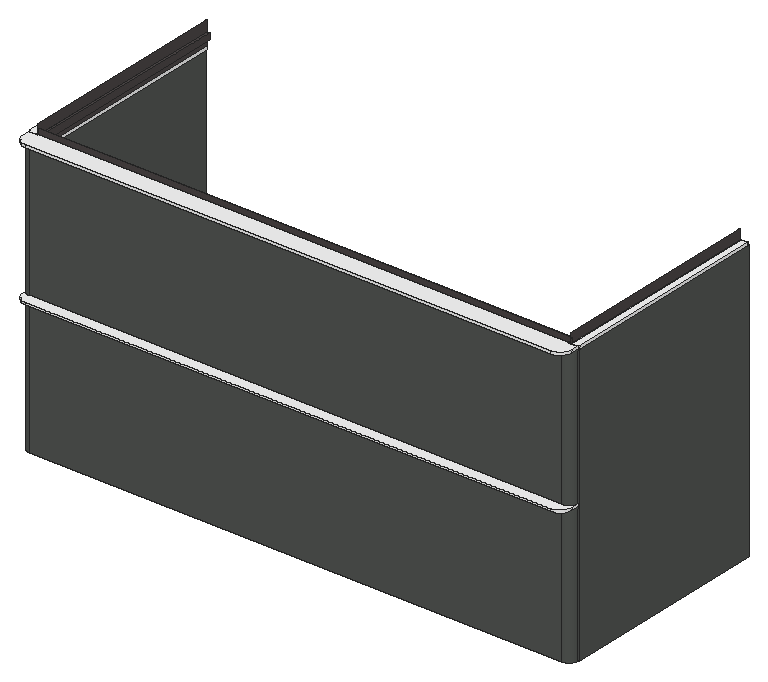
Revit family "vanity unit with 2 drawers", category Furniture, Revit 2019 (continued)
  Vanity unit 980_475 with 2 drawers for washbasin-54032670-Diamond Matt Grey-MATT_BLACK-400 | "39.8" | no | no | no | no | no | no | no | no | no | no | no | no | no | no | yes | no | no | no | no | no | no | no | no | no | no | no | no | no | no | no | no | no | no | no | no | no | no | no | no | no | no | no | no | no | no | no | no | no | no | no | no | no | no | no | no | no | no | no | no | no | no | no | no | no | no | no | no | no | no | no | no | no | no | no | no | no | no | no | no | no | no | no | no | no | no | no | no | no | no | no | no | no | no | no | no | no | no | no | no | no | no | no | no | no | no | no | no | no | no | no | no | no | no | no | no | no | no | no | no | no | "MATT_BLACK" | "https://pro.hansgrohe.com/articledetail--54032000" | "54032XXX" | "Diamond Matt Grey" | "Vanity unit 980/475 with 2 drawers for washbasin-54032670-Diamond Matt Grey-MATT_BLACK-400" | "Xelu Q Vanity unit Diamond Matt Grey 980/475 with 2 drawers for washbasin" | "Vanity unit 980/475 with 2 drawers for washbasin-54032670-Diamond Matt Grey-MATT_BLACK-400" | "{$CADENAS_DATA/23d-libs/hansgrohe/xelu_furniture/vanity_unit_2_drawers_basin/vanity_unit_with_2_drawers_for_basin.prj},349 {VTYP=3D},{NB=Vanity unit 980/475 with 2 drawers for washbasin-54032670-Diamond Matt Grey-MATT_BLACK-400},{LINA=Vanity unit 980/475 with 2 drawers for washbasin-54032670-Diamond Matt Grey-MATT_BLACK-400},{NN=Vanity Unit with 2 Drawers},{DATE=10.03.2023 08:13:12},{GEOMDATE=08.03.2023 13:51:26},{VERSION=},{LINEID=420},{WBVAR=LODLEVEL},{WBNUMERIC=}  {NB=Vanity unit 980/475 with 2 drawers for washbasin-54032670-Diamond Matt Grey-MATT_BLACK-400},{LINA=Vanity unit 980/475 with 2 drawers for washbasin-54032670-Diamond Matt Grey-MATT_BLACK-400},{KT=DUMMY},{IDNR=42},{ARTNR=54032670},{BASENUMBER=Vanity unit 980/475 with 2 drawers for washbasin},{MODEL=54032XXX},{OBERFLAECHE=Diamond Matt Grey},{SURFACE=MATT_BLACK},{L=980},{LODLEVEL=400},{LODLEVELX='400','400','200','200'},{NAME=Xelu Q Vanity unit Diamond Matt Grey 980/475 with 2 drawers for washbasin},{PERMALINK=54032XXX},{OBJECTTYPE=Object (single object)},{BIMOBJECT=Sanitary: Compound units},{PRODUCTFAMILY=Xelu Q},{PRODUCTGROUP=vanity unit},{WEIGHT=39.8},{DESCRIPTION=Xelu Q Vanity unit Diamond Matt Grey 980/475 with 2 drawers for washbasin},{SPECIFICATION=},{PRODUCTURL=https://pro.hansgrohe.com/articledetail--54032000},{GTINCODE=4059625455395},{TENDERURL=},{IFC=Furnishing element},{ETIM=EC011381 | Bathroom furniture set},{UNICLASS2015=Pr_40_30_78_05 | Bathroom furniture},{OMNICLASS=23-21 19 15 33 13 | Residential Bathroom Specialty Casework},{MASTERFORMAT=12 35 30.23 | Bathroom Casework},{UNSPSC=56 | Furniture and Furnishings},{UNIFORMATII=E2010 | Fixed Furnishings},{REGIONSET=Worldwide},{DESIGN=Germany},{MANUFACTURER=Germany}" | "400" | "Vanity unit 980/475 with 2 drawers for washbasin-54032670-Diamond Matt Grey-MATT_BLACK-400" | 980 | "4059625455395" | "Vanity unit 980/475 with 2 drawers for washbasin" | "54032670"
  Vanity unit 980_475 with 2 drawers for washbasin-54032700-Diamond Matt Grey-MATT_WHITE-200 | "39.8" | no | no | no | no | no | no | no | no | no | no | no | no | no | yes | no | no | no | no | no | no | no | no | no | no | no | no | no | no | no | no | no | no | no | no | no | no | no | no | no | no | no | no | no | no | no | no | no | no | no | no | no | no | no | no | no | no | no | no | no | no | no | no | no | no | no | no | no | no | no | no | no | no | no | no | no | no | no | no | no | no | no | no | no | no | no | no | no | no | no | no | no | no | no | no | no | no | no | no | no | no | no | no | no | no | no | no | no | no | no | no | no | no | no | no | no | no | no | no | no | no | "MATT_WHITE" | "https://pro.hansgrohe.com/articledetail--54032000" | "54032XXX" | "Diamond Matt Grey" | "Vanity unit 980/475 with 2 drawers for washbasin-54032700-Diamond Matt Grey-MATT_WHITE-200" | "Xelu Q Vanity unit Diamond Matt Grey 980/475 with 2 drawers for washbasin" | "Vanity unit 980/475 with 2 drawers for washbasin-54032700-Diamond Matt Grey-MATT_WHITE-200" | "{$CADENAS_DATA/23d-libs/hansgrohe/xelu_furniture/vanity_unit_2_drawers_basin/vanity_unit_with_2_drawers_for_basin.prj},349 {VTYP=3D},{NB=Vanity unit 980/475 with 2 drawers for washbasin-54032700-Diamond Matt Grey-MATT_WHITE-200},{LINA=Vanity unit 980/475 with 2 drawers for washbasin-54032700-Diamond Matt Grey-MATT_WHITE-200},{NN=Vanity Unit with 2 Drawers},{DATE=10.03.2023 08:13:12},{GEOMDATE=08.03.2023 13:51:26},{VERSION=},{LINEID=400},{WBVAR=LODLEVEL},{WBNUMERIC=}  {NB=Vanity unit 980/475 with 2 drawers for washbasin-54032700-Diamond Matt Grey-MATT_WHITE-200},{LINA=Vanity unit 980/475 with 2 drawers for washbasin-54032700-Diamond Matt Grey-MATT_WHITE-200},{KT=DUMMY},{IDNR=40},{ARTNR=54032700},{BASENUMBER=Vanity unit 980/475 with 2 drawers for washbasin},{MODEL=54032XXX},{OBERFLAECHE=Diamond Matt Grey},{SURFACE=MATT_WHITE},{L=980},{LODLEVEL=200},{LODLEVELX='400','400','200','200'},{NAME=Xelu Q Vanity unit Diamond Matt Grey 980/475 with 2 drawers for washbasin},{PERMALINK=54032XXX},{OBJECTTYPE=Object (single object)},{BIMOBJECT=Sanitary: Compound units},{PRODUCTFAMILY=Xelu Q},{PRODUCTGROUP=vanity unit},{WEIGHT=39.8},{DESCRIPTION=Xelu Q Vanity unit Diamond Matt Grey 980/475 with 2 drawers for washbasin},{SPECIFICATION=},{PRODUCTURL=https://pro.hansgrohe.com/articledetail--54032000},{GTINCODE=4059625455395},{TENDERURL=},{IFC=Furnishing element},{ETIM=EC011381 | Bathroom furniture set},{UNICLASS2015=Pr_40_30_78_05 | Bathroom furniture},{OMNICLASS=23-21 19 15 33 13 | Residential Bathroom Specialty Casework},{MASTERFORMAT=12 35 30.23 | Bathroom Casework},{UNSPSC=56 | Furniture and Furnishings},{UNIFORMATII=E2010 | Fixed Furnishings},{REGIONSET=Worldwide},{DESIGN=Germany},{MANUFACTURER=Germany}" | "200" | "Vanity unit 980/475 with 2 drawers for washbasin-54032700-Diamond Matt Grey-MATT_WHITE-200" | 980 | "4059625455395" | "Vanity unit 980/475 with 2 drawers for washbasin" | "54032700"
  Vanity unit 980_475 with 2 drawers for washbasin-54032700-Diamond Matt Grey-MATT_WHITE-400 | "39.8" | no | no | no | no | no | no | no | no | no | no | no | no | yes | no | no | no | no | no | no | no | no | no | no | no | no | no | no | no | no | no | no | no | no | no | no | no | no | no | no | no | no | no | no | no | no | no | no | no | no | no | no | no | no | no | no | no | no | no | no | no | no | no | no | no | no | no | no | no | no | no | no | no | no | no | no | no | no | no | no | no | no | no | no | no | no | no | no | no | no | no | no | no | no | no | no | no | no | no | no | no | no | no | no | no | no | no | no | no | no | no | no | no | no | no | no | no | no | no | no | no | "MATT_WHITE" | "https://pro.hansgrohe.com/articledetail--54032000" | "54032XXX" | "Diamond Matt Grey" | "Vanity unit 980/475 with 2 drawers for washbasin-54032700-Diamond Matt Grey-MATT_WHITE-400" | "Xelu Q Vanity unit Diamond Matt Grey 980/475 with 2 drawers for washbasin" | "Vanity unit 980/475 with 2 drawers for washbasin-54032700-Diamond Matt Grey-MATT_WHITE-400" | "{$CADENAS_DATA/23d-libs/hansgrohe/xelu_furniture/vanity_unit_2_drawers_basin/vanity_unit_with_2_drawers_for_basin.prj},349 {VTYP=3D},{NB=Vanity unit 980/475 with 2 drawers for washbasin-54032700-Diamond Matt Grey-MATT_WHITE-400},{LINA=Vanity unit 980/475 with 2 drawers for washbasin-54032700-Diamond Matt Grey-MATT_WHITE-400},{NN=Vanity Unit with 2 Drawers},{DATE=10.03.2023 08:13:12},{GEOMDATE=08.03.2023 13:51:26},{VERSION=},{LINEID=400},{WBVAR=LODLEVEL},{WBNUMERIC=}  {NB=Vanity unit 980/475 with 2 drawers for washbasin-54032700-Diamond Matt Grey-MATT_WHITE-400},{LINA=Vanity unit 980/475 with 2 drawers for washbasin-54032700-Diamond Matt Grey-MATT_WHITE-400},{KT=DUMMY},{IDNR=40},{ARTNR=54032700},{BASENUMBER=Vanity unit 980/475 with 2 drawers for washbasin},{MODEL=54032XXX},{OBERFLAECHE=Diamond Matt Grey},{SURFACE=MATT_WHITE},{L=980},{LODLEVEL=400},{LODLEVELX='400','400','200','200'},{NAME=Xelu Q Vanity unit Diamond Matt Grey 980/475 with 2 drawers for washbasin},{PERMALINK=54032XXX},{OBJECTTYPE=Object (single object)},{BIMOBJECT=Sanitary: Compound units},{PRODUCTFAMILY=Xelu Q},{PRODUCTGROUP=vanity unit},{WEIGHT=39.8},{DESCRIPTION=Xelu Q Vanity unit Diamond Matt Grey 980/475 with 2 drawers for washbasin},{SPECIFICATION=},{PRODUCTURL=https://pro.hansgrohe.com/articledetail--54032000},{GTINCODE=4059625455395},{TENDERURL=},{IFC=Furnishing element},{ETIM=EC011381 | Bathroom furniture set},{UNICLASS2015=Pr_40_30_78_05 | Bathroom furniture},{OMNICLASS=23-21 19 15 33 13 | Residential Bathroom Specialty Casework},{MASTERFORMAT=12 35 30.23 | Bathroom Casework},{UNSPSC=56 | Furniture and Furnishings},{UNIFORMATII=E2010 | Fixed Furnishings},{REGIONSET=Worldwide},{DESIGN=Germany},{MANUFACTURER=Germany}" | "400" | "Vanity unit 980/475 with 2 drawers for washbasin-54032700-Diamond Matt Grey-MATT_WHITE-400" | 980 | "4059625455395" | "Vanity unit 980/475 with 2 drawers for washbasin" | "54032700"
  Vanity unit 980_475 with 2 drawers for washbasin-54033000-Natural Oak-CHROME-200 | "39.8" | no | no | no | no | no | no | no | no | no | no | no | yes | no | no | no | no | no | no | no | no | no | no | no | no | no | no | no | no | no | no | no | no | no | no | no | no | no | no | no | no | no | no | no | no | no | no | no | no | no | no | no | no | no | no | no | no | no | no | no | no | no | no | no | no | no | no | no | no | no | no | no | no | no | no | no | no | no | no | no | no | no | no | no | no | no | no | no | no | no | no | no | no | no | no | no | no | no | no | no | no | no | no | no | no | no | no | no | no | no | no | no | no | no | no | no | no | no | no | no | no | "CHROME" | "https://pro.hansgrohe.com/articledetail--54033000" | "54033XXX" | "Natural Oak" | "Vanity unit 980/475 with 2 drawers for washbasin-54033000-Natural Oak-CHROME-200" | "Xelu Q Vanity unit Natural Oak 980/475 with 2 drawers for washbasin" | "Vanity unit 980/475 with 2 drawers for washbasin-54033000-Natural Oak-CHROME-200" | "{$CADENAS_DATA/23d-libs/hansgrohe/xelu_furniture/vanity_unit_2_drawers_basin/vanity_unit_with_2_drawers_for_basin.prj},329 {VTYP=3D},{NB=Vanity unit 980/475 with 2 drawers for washbasin-54033000-Natural Oak-CHROME-200},{LINA=Vanity unit 980/475 with 2 drawers for washbasin-54033000-Natural Oak-CHROME-200},{NN=Vanity Unit with 2 Drawers},{DATE=10.03.2023 08:13:12},{GEOMDATE=08.03.2023 13:51:26},{VERSION=},{LINEID=450},{WBVAR=LODLEVEL},{WBNUMERIC=}  {NB=Vanity unit 980/475 with 2 drawers for washbasin-54033000-Natural Oak-CHROME-200},{LINA=Vanity unit 980/475 with 2 drawers for washbasin-54033000-Natural Oak-CHROME-200},{KT=DUMMY},{IDNR=45},{ARTNR=54033000},{BASENUMBER=Vanity unit 980/475 with 2 drawers for washbasin},{MODEL=54033XXX},{OBERFLAECHE=Natural Oak},{SURFACE=CHROME},{L=980},{LODLEVEL=200},{LODLEVELX='400','400','200','200'},{NAME=Xelu Q Vanity unit Natural Oak 980/475 with 2 drawers for washbasin},{PERMALINK=54033XXX},{OBJECTTYPE=Object (single object)},{BIMOBJECT=Sanitary: Compound units},{PRODUCTFAMILY=Xelu Q},{PRODUCTGROUP=vanity unit},{WEIGHT=39.8},{DESCRIPTION=Xelu Q Vanity unit Natural Oak 980/475 with 2 drawers for washbasin},{SPECIFICATION=},{PRODUCTURL=https://pro.hansgrohe.com/articledetail--54033000},{GTINCODE=4059625455364},{TENDERURL=},{IFC=Furnishing element},{ETIM=EC011381 | Bathroom furniture set},{UNICLASS2015=Pr_40_30_78_05 | Bathroom furniture},{OMNICLASS=23-21 19 15 33 13 | Residential Bathroom Specialty Casework},{MASTERFORMAT=12 35 30.23 | Bathroom Casework},{UNSPSC=56 | Furniture and Furnishings},{UNIFORMATII=E2010 | Fixed Furnishings},{REGIONSET=Worldwide},{DESIGN=Germany},{MANUFACTURER=Germany}" | "200" | "Vanity unit 980/475 with 2 drawers for washbasin-54033000-Natural Oak-CHROME-200" | 980 | "4059625455364" | "Vanity unit 980/475 with 2 drawers for washbasin" | "54033000"
  Vanity unit 980_475 with 2 drawers for washbasin-54033000-Natural Oak-CHROME-400 | "39.8" | no | no | no | no | no | no | no | no | no | no | yes | no | no | no | no | no | no | no | no | no | no | no | no | no | no | no | no | no | no | no | no | no | no | no | no | no | no | no | no | no | no | no | no | no | no | no | no | no | no | no | no | no | no | no | no | no | no | no | no | no | no | no | no | no | no | no | no | no | no | no | no | no | no | no | no | no | no | no | no | no | no | no | no | no | no | no | no | no | no | no | no | no | no | no | no | no | no | no | no | no | no | no | no | no | no | no | no | no | no | no | no | no | no | no | no | no | no | no | no | no | "CHROME" | "https://pro.hansgrohe.com/articledetail--54033000" | "54033XXX" | "Natural Oak" | "Vanity unit 980/475 with 2 drawers for washbasin-54033000-Natural Oak-CHROME-400" | "Xelu Q Vanity unit Natural Oak 980/475 with 2 drawers for washbasin" | "Vanity unit 980/475 with 2 drawers for washbasin-54033000-Natural Oak-CHROME-400" | "{$CADENAS_DATA/23d-libs/hansgrohe/xelu_furniture/vanity_unit_2_drawers_basin/vanity_unit_with_2_drawers_for_basin.prj},329 {VTYP=3D},{NB=Vanity unit 980/475 with 2 drawers for washbasin-54033000-Natural Oak-CHROME-400},{LINA=Vanity unit 980/475 with 2 drawers for washbasin-54033000-Natural Oak-CHROME-400},{NN=Vanity Unit with 2 Drawers},{DATE=10.03.2023 08:13:12},{GEOMDATE=08.03.2023 13:51:26},{VERSION=},{LINEID=450},{WBVAR=LODLEVEL},{WBNUMERIC=}  {NB=Vanity unit 980/475 with 2 drawers for washbasin-54033000-Natural Oak-CHROME-400},{LINA=Vanity unit 980/475 with 2 drawers for washbasin-54033000-Natural Oak-CHROME-400},{KT=DUMMY},{IDNR=45},{ARTNR=54033000},{BASENUMBER=Vanity unit 980/475 with 2 drawers for washbasin},{MODEL=54033XXX},{OBERFLAECHE=Natural Oak},{SURFACE=CHROME},{L=980},{LODLEVEL=400},{LODLEVELX='400','400','200','200'},{NAME=Xelu Q Vanity unit Natural Oak 980/475 with 2 drawers for washbasin},{PERMALINK=54033XXX},{OBJECTTYPE=Object (single object)},{BIMOBJECT=Sanitary: Compound units},{PRODUCTFAMILY=Xelu Q},{PRODUCTGROUP=vanity unit},{WEIGHT=39.8},{DESCRIPTION=Xelu Q Vanity unit Natural Oak 980/475 with 2 drawers for washbasin},{SPECIFICATION=},{PRODUCTURL=https://pro.hansgrohe.com/articledetail--54033000},{GTINCODE=4059625455364},{TENDERURL=},{IFC=Furnishing element},{ETIM=EC011381 | Bathroom furniture set},{UNICLASS2015=Pr_40_30_78_05 | Bathroom furniture},{OMNICLASS=23-21 19 15 33 13 | Residential Bathroom Specialty Casework},{MASTERFORMAT=12 35 30.23 | Bathroom Casework},{UNSPSC=56 | Furniture and Furnishings},{UNIFORMATII=E2010 | Fixed Furnishings},{REGIONSET=Worldwide},{DESIGN=Germany},{MANUFACTURER=Germany}" | "400" | "Vanity unit 980/475 with 2 drawers for washbasin-54033000-Natural Oak-CHROME-400" | 980 | "4059625455364" | "Vanity unit 980/475 with 2 drawers for washbasin" | "54033000"
  Vanity unit 980_475 with 2 drawers for washbasin-54033670-Natural Oak-MATT_BLACK-200 | "39.8" | no | no | no | no | no | no | no | no | no | yes | no | no | no | no | no | no | no | no | no | no | no | no | no | no | no | no | no | no | no | no | no | no | no | no | no | no | no | no | no | no | no | no | no | no | no | no | no | no | no | no | no | no | no | no | no | no | no | no | no | no | no | no | no | no | no | no | no | no | no | no | no | no | no | no | no | no | no | no | no | no | no | no | no | no | no | no | no | no | no | no | no | no | no | no | no | no | no | no | no | no | no | no | no | no | no | no | no | no | no | no | no | no | no | no | no | no | no | no | no | no | "MATT_BLACK" | "https://pro.hansgrohe.com/articledetail--54033000" | "54033XXX" | "Natural Oak" | "Vanity unit 980/475 with 2 drawers for washbasin-54033670-Natural Oak-MATT_BLACK-200" | "Xelu Q Vanity unit Natural Oak 980/475 with 2 drawers for washbasin" | "Vanity unit 980/475 with 2 drawers for washbasin-54033670-Natural Oak-MATT_BLACK-200" | "{$CADENAS_DATA/23d-libs/hansgrohe/xelu_furniture/vanity_unit_2_drawers_basin/vanity_unit_with_2_drawers_for_basin.prj},337 {VTYP=3D},{NB=Vanity unit 980/475 with 2 drawers for washbasin-54033670-Natural Oak-MATT_BLACK-200},{LINA=Vanity unit 980/475 with 2 drawers for washbasin-54033670-Natural Oak-MATT_BLACK-200},{NN=Vanity Unit with 2 Drawers},{DATE=10.03.2023 08:13:12},{GEOMDATE=08.03.2023 13:51:26},{VERSION=},{LINEID=430},{WBVAR=LODLEVEL},{WBNUMERIC=}  {NB=Vanity unit 980/475 with 2 drawers for washbasin-54033670-Natural Oak-MATT_BLACK-200},{LINA=Vanity unit 980/475 with 2 drawers for washbasin-54033670-Natural Oak-MATT_BLACK-200},{KT=DUMMY},{IDNR=43},{ARTNR=54033670},{BASENUMBER=Vanity unit 980/475 with 2 drawers for washbasin},{MODEL=54033XXX},{OBERFLAECHE=Natural Oak},{SURFACE=MATT_BLACK},{L=980},{LODLEVEL=200},{LODLEVELX='400','400','200','200'},{NAME=Xelu Q Vanity unit Natural Oak 980/475 with 2 drawers for washbasin},{PERMALINK=54033XXX},{OBJECTTYPE=Object (single object)},{BIMOBJECT=Sanitary: Compound units},{PRODUCTFAMILY=Xelu Q},{PRODUCTGROUP=vanity unit},{WEIGHT=39.8},{DESCRIPTION=Xelu Q Vanity unit Natural Oak 980/475 with 2 drawers for washbasin},{SPECIFICATION=},{PRODUCTURL=https://pro.hansgrohe.com/articledetail--54033000},{GTINCODE=4059625455364},{TENDERURL=},{IFC=Furnishing element},{ETIM=EC011381 | Bathroom furniture set},{UNICLASS2015=Pr_40_30_78_05 | Bathroom furniture},{OMNICLASS=23-21 19 15 33 13 | Residential Bathroom Specialty Casework},{MASTERFORMAT=12 35 30.23 | Bathroom Casework},{UNSPSC=56 | Furniture and Furnishings},{UNIFORMATII=E2010 | Fixed Furnishings},{REGIONSET=Worldwide},{DESIGN=Germany},{MANUFACTURER=Germany}" | "200" | "Vanity unit 980/475 with 2 drawers for washbasin-54033670-Natural Oak-MATT_BLACK-200" | 980 | "4059625455364" | "Vanity unit 980/475 with 2 drawers for washbasin" | "54033670"
  Vanity unit 980_475 with 2 drawers for washbasin-54033670-Natural Oak-MATT_BLACK-400 | "39.8" | no | no | no | no | no | no | no | no | yes | no | no | no | no | no | no | no | no | no | no | no | no | no | no | no | no | no | no | no | no | no | no | no | no | no | no | no | no | no | no | no | no | no | no | no | no | no | no | no | no | no | no | no | no | no | no | no | no | no | no | no | no | no | no | no | no | no | no | no | no | no | no | no | no | no | no | no | no | no | no | no | no | no | no | no | no | no | no | no | no | no | no | no | no | no | no | no | no | no | no | no | no | no | no | no | no | no | no | no | no | no | no | no | no | no | no | no | no | no | no | no | "MATT_BLACK" | "https://pro.hansgrohe.com/articledetail--54033000" | "54033XXX" | "Natural Oak" | "Vanity unit 980/475 with 2 drawers for washbasin-54033670-Natural Oak-MATT_BLACK-400" | "Xelu Q Vanity unit Natural Oak 980/475 with 2 drawers for washbasin" | "Vanity unit 980/475 with 2 drawers for washbasin-54033670-Natural Oak-MATT_BLACK-400" | "{$CADENAS_DATA/23d-libs/hansgrohe/xelu_furniture/vanity_unit_2_drawers_basin/vanity_unit_with_2_drawers_for_basin.prj},337 {VTYP=3D},{NB=Vanity unit 980/475 with 2 drawers for washbasin-54033670-Natural Oak-MATT_BLACK-400},{LINA=Vanity unit 980/475 with 2 drawers for washbasin-54033670-Natural Oak-MATT_BLACK-400},{NN=Vanity Unit with 2 Drawers},{DATE=10.03.2023 08:13:12},{GEOMDATE=08.03.2023 13:51:26},{VERSION=},{LINEID=430},{WBVAR=LODLEVEL},{WBNUMERIC=}  {NB=Vanity unit 980/475 with 2 drawers for washbasin-54033670-Natural Oak-MATT_BLACK-400},{LINA=Vanity unit 980/475 with 2 drawers for washbasin-54033670-Natural Oak-MATT_BLACK-400},{KT=DUMMY},{IDNR=43},{ARTNR=54033670},{BASENUMBER=Vanity unit 980/475 with 2 drawers for washbasin},{MODEL=54033XXX},{OBERFLAECHE=Natural Oak},{SURFACE=MATT_BLACK},{L=980},{LODLEVEL=400},{LODLEVELX='400','400','200','200'},{NAME=Xelu Q Vanity unit Natural Oak 980/475 with 2 drawers for washbasin},{PERMALINK=54033XXX},{OBJECTTYPE=Object (single object)},{BIMOBJECT=Sanitary: Compound units},{PRODUCTFAMILY=Xelu Q},{PRODUCTGROUP=vanity unit},{WEIGHT=39.8},{DESCRIPTION=Xelu Q Vanity unit Natural Oak 980/475 with 2 drawers for washbasin},{SPECIFICATION=},{PRODUCTURL=https://pro.hansgrohe.com/articledetail--54033000},{GTINCODE=4059625455364},{TENDERURL=},{IFC=Furnishing element},{ETIM=EC011381 | Bathroom furniture set},{UNICLASS2015=Pr_40_30_78_05 | Bathroom furniture},{OMNICLASS=23-21 19 15 33 13 | Residential Bathroom Specialty Casework},{MASTERFORMAT=12 35 30.23 | Bathroom Casework},{UNSPSC=56 | Furniture and Furnishings},{UNIFORMATII=E2010 | Fixed Furnishings},{REGIONSET=Worldwide},{DESIGN=Germany},{MANUFACTURER=Germany}" | "400" | "Vanity unit 980/475 with 2 drawers for washbasin-54033670-Natural Oak-MATT_BLACK-400" | 980 | "4059625455364" | "Vanity unit 980/475 with 2 drawers for washbasin" | "54033670"
  Vanity unit 980_475 with 2 drawers for washbasin-54033700-Natural Oak-MATT_WHITE-200 | "39.8" | no | no | no | no | no | no | no | yes | no | no | no | no | no | no | no | no | no | no | no | no | no | no | no | no | no | no | no | no | no | no | no | no | no | no | no | no | no | no | no | no | no | no | no | no | no | no | no | no | no | no | no | no | no | no | no | no | no | no | no | no | no | no | no | no | no | no | no | no | no | no | no | no | no | no | no | no | no | no | no | no | no | no | no | no | no | no | no | no | no | no | no | no | no | no | no | no | no | no | no | no | no | no | no | no | no | no | no | no | no | no | no | no | no | no | no | no | no | no | no | no | "MATT_WHITE" | "https://pro.hansgrohe.com/articledetail--54033000" | "54033XXX" | "Natural Oak" | "Vanity unit 980/475 with 2 drawers for washbasin-54033700-Natural Oak-MATT_WHITE-200" | "Xelu Q Vanity unit Natural Oak 980/475 with 2 drawers for washbasin" | "Vanity unit 980/475 with 2 drawers for washbasin-54033700-Natural Oak-MATT_WHITE-200" | "{$CADENAS_DATA/23d-libs/hansgrohe/xelu_furniture/vanity_unit_2_drawers_basin/vanity_unit_with_2_drawers_for_basin.prj},337 {VTYP=3D},{NB=Vanity unit 980/475 with 2 drawers for washbasin-54033700-Natural Oak-MATT_WHITE-200},{LINA=Vanity unit 980/475 with 2 drawers for washbasin-54033700-Natural Oak-MATT_WHITE-200},{NN=Vanity Unit with 2 Drawers},{DATE=10.03.2023 08:13:12},{GEOMDATE=08.03.2023 13:51:26},{VERSION=},{LINEID=440},{WBVAR=LODLEVEL},{WBNUMERIC=}  {NB=Vanity unit 980/475 with 2 drawers for washbasin-54033700-Natural Oak-MATT_WHITE-200},{LINA=Vanity unit 980/475 with 2 drawers for washbasin-54033700-Natural Oak-MATT_WHITE-200},{KT=DUMMY},{IDNR=44},{ARTNR=54033700},{BASENUMBER=Vanity unit 980/475 with 2 drawers for washbasin},{MODEL=54033XXX},{OBERFLAECHE=Natural Oak},{SURFACE=MATT_WHITE},{L=980},{LODLEVEL=200},{LODLEVELX='400','400','200','200'},{NAME=Xelu Q Vanity unit Natural Oak 980/475 with 2 drawers for washbasin},{PERMALINK=54033XXX},{OBJECTTYPE=Object (single object)},{BIMOBJECT=Sanitary: Compound units},{PRODUCTFAMILY=Xelu Q},{PRODUCTGROUP=vanity unit},{WEIGHT=39.8},{DESCRIPTION=Xelu Q Vanity unit Natural Oak 980/475 with 2 drawers for washbasin},{SPECIFICATION=},{PRODUCTURL=https://pro.hansgrohe.com/articledetail--54033000},{GTINCODE=4059625455364},{TENDERURL=},{IFC=Furnishing element},{ETIM=EC011381 | Bathroom furniture set},{UNICLASS2015=Pr_40_30_78_05 | Bathroom furniture},{OMNICLASS=23-21 19 15 33 13 | Residential Bathroom Specialty Casework},{MASTERFORMAT=12 35 30.23 | Bathroom Casework},{UNSPSC=56 | Furniture and Furnishings},{UNIFORMATII=E2010 | Fixed Furnishings},{REGIONSET=Worldwide},{DESIGN=Germany},{MANUFACTURER=Germany}" | "200" | "Vanity unit 980/475 with 2 drawers for washbasin-54033700-Natural Oak-MATT_WHITE-200" | 980 | "4059625455364" | "Vanity unit 980/475 with 2 drawers for washbasin" | "54033700"
  Vanity unit 980_475 with 2 drawers for washbasin-54033700-Natural Oak-MATT_WHITE-400 | "39.8" | no | no | no | no | no | no | yes | no | no | no | no | no | no | no | no | no | no | no | no | no | no | no | no | no | no | no | no | no | no | no | no | no | no | no | no | no | no | no | no | no | no | no | no | no | no | no | no | no | no | no | no | no | no | no | no | no | no | no | no | no | no | no | no | no | no | no | no | no | no | no | no | no | no | no | no | no | no | no | no | no | no | no | no | no | no | no | no | no | no | no | no | no | no | no | no | no | no | no | no | no | no | no | no | no | no | no | no | no | no | no | no | no | no | no | no | no | no | no | no | no | "MATT_WHITE" | "https://pro.hansgrohe.com/articledetail--54033000" | "54033XXX" | "Natural Oak" | "Vanity unit 980/475 with 2 drawers for washbasin-54033700-Natural Oak-MATT_WHITE-400" | "Xelu Q Vanity unit Natural Oak 980/475 with 2 drawers for washbasin" | "Vanity unit 980/475 with 2 drawers for washbasin-54033700-Natural Oak-MATT_WHITE-400" | "{$CADENAS_DATA/23d-libs/hansgrohe/xelu_furniture/vanity_unit_2_drawers_basin/vanity_unit_with_2_drawers_for_basin.prj},337 {VTYP=3D},{NB=Vanity unit 980/475 with 2 drawers for washbasin-54033700-Natural Oak-MATT_WHITE-400},{LINA=Vanity unit 980/475 with 2 drawers for washbasin-54033700-Natural Oak-MATT_WHITE-400},{NN=Vanity Unit with 2 Drawers},{DATE=10.03.2023 08:13:12},{GEOMDATE=08.03.2023 13:51:26},{VERSION=},{LINEID=440},{WBVAR=LODLEVEL},{WBNUMERIC=}  {NB=Vanity unit 980/475 with 2 drawers for washbasin-54033700-Natural Oak-MATT_WHITE-400},{LINA=Vanity unit 980/475 with 2 drawers for washbasin-54033700-Natural Oak-MATT_WHITE-400},{KT=DUMMY},{IDNR=44},{ARTNR=54033700},{BASENUMBER=Vanity unit 980/475 with 2 drawers for washbasin},{MODEL=54033XXX},{OBERFLAECHE=Natural Oak},{SURFACE=MATT_WHITE},{L=980},{LODLEVEL=400},{LODLEVELX='400','400','200','200'},{NAME=Xelu Q Vanity unit Natural Oak 980/475 with 2 drawers for washbasin},{PERMALINK=54033XXX},{OBJECTTYPE=Object (single object)},{BIMOBJECT=Sanitary: Compound units},{PRODUCTFAMILY=Xelu Q},{PRODUCTGROUP=vanity unit},{WEIGHT=39.8},{DESCRIPTION=Xelu Q Vanity unit Natural Oak 980/475 with 2 drawers for washbasin},{SPECIFICATION=},{PRODUCTURL=https://pro.hansgrohe.com/articledetail--54033000},{GTINCODE=4059625455364},{TENDERURL=},{IFC=Furnishing element},{ETIM=EC011381 | Bathroom furniture set},{UNICLASS2015=Pr_40_30_78_05 | Bathroom furniture},{OMNICLASS=23-21 19 15 33 13 | Residential Bathroom Specialty Casework},{MASTERFORMAT=12 35 30.23 | Bathroom Casework},{UNSPSC=56 | Furniture and Furnishings},{UNIFORMATII=E2010 | Fixed Furnishings},{REGIONSET=Worldwide},{DESIGN=Germany},{MANUFACTURER=Germany}" | "400" | "Vanity unit 980/475 with 2 drawers for washbasin-54033700-Natural Oak-MATT_WHITE-400" | 980 | "4059625455364" | "Vanity unit 980/475 with 2 drawers for washbasin" | "54033700"
  Vanity unit 980_475 with 2 drawers for washbasin-54034000-Dark Walnut-CHROME-200 | "39.8" | no | no | no | no | no | yes | no | no | no | no | no | no | no | no | no | no | no | no | no | no | no | no | no | no | no | no | no | no | no | no | no | no | no | no | no | no | no | no | no | no | no | no | no | no | no | no | no | no | no | no | no | no | no | no | no | no | no | no | no | no | no | no | no | no | no | no | no | no | no | no | no | no | no | no | no | no | no | no | no | no | no | no | no | no | no | no | no | no | no | no | no | no | no | no | no | no | no | no | no | no | no | no | no | no | no | no | no | no | no | no | no | no | no | no | no | no | no | no | no | no | "CHROME" | "https://pro.hansgrohe.com/articledetail--54034000" | "54034XXX" | "Dark Walnut" | "Vanity unit 980/475 with 2 drawers for washbasin-54034000-Dark Walnut-CHROME-200" | "Xelu Q Vanity unit Dark Walnut 980/475 with 2 drawers for washbasin" | "Vanity unit 980/475 with 2 drawers for washbasin-54034000-Dark Walnut-CHROME-200" | "{$CADENAS_DATA/23d-libs/hansgrohe/xelu_furniture/vanity_unit_2_drawers_basin/vanity_unit_with_2_drawers_for_basin.prj},329 {VTYP=3D},{NB=Vanity unit 980/475 with 2 drawers for washbasin-54034000-Dark Walnut-CHROME-200},{LINA=Vanity unit 980/475 with 2 drawers for washbasin-54034000-Dark Walnut-CHROME-200},{NN=Vanity Unit with 2 Drawers},{DATE=10.03.2023 08:13:12},{GEOMDATE=08.03.2023 13:51:26},{VERSION=},{LINEID=460},{WBVAR=LODLEVEL},{WBNUMERIC=}  {NB=Vanity unit 980/475 with 2 drawers for washbasin-54034000-Dark Walnut-CHROME-200},{LINA=Vanity unit 980/475 with 2 drawers for washbasin-54034000-Dark Walnut-CHROME-200},{KT=DUMMY},{IDNR=46},{ARTNR=54034000},{BASENUMBER=Vanity unit 980/475 with 2 drawers for washbasin},{MODEL=54034XXX},{OBERFLAECHE=Dark Walnut},{SURFACE=CHROME},{L=980},{LODLEVEL=200},{LODLEVELX='400','400','200','200'},{NAME=Xelu Q Vanity unit Dark Walnut 980/475 with 2 drawers for washbasin},{PERMALINK=54034XXX},{OBJECTTYPE=Object (single object)},{BIMOBJECT=Sanitary: Compound units},{PRODUCTFAMILY=Xelu Q},{PRODUCTGROUP=vanity unit},{WEIGHT=39.8},{DESCRIPTION=Xelu Q Vanity unit Dark Walnut 980/475 with 2 drawers for washbasin},{SPECIFICATION=},{PRODUCTURL=https://pro.hansgrohe.com/articledetail--54034000},{GTINCODE=4059625455838},{TENDERURL=},{IFC=Furnishing element},{ETIM=EC011381 | Bathroom furniture set},{UNICLASS2015=Pr_40_30_78_05 | Bathroom furniture},{OMNICLASS=23-21 19 15 33 13 | Residential Bathroom Specialty Casework},{MASTERFORMAT=12 35 30.23 | Bathroom Casework},{UNSPSC=56 | Furniture and Furnishings},{UNIFORMATII=E2010 | Fixed Furnishings},{REGIONSET=Worldwide},{DESIGN=Germany},{MANUFACTURER=Germany}" | "200" | "Vanity unit 980/475 with 2 drawers for washbasin-54034000-Dark Walnut-CHROME-200" | 980 | "4059625455838" | "Vanity unit 980/475 with 2 drawers for washbasin" | "54034000"
  Vanity unit 980_475 with 2 drawers for washbasin-54034000-Dark Walnut-CHROME-400 | "39.8" | no | no | no | no | yes | no | no | no | no | no | no | no | no | no | no | no | no | no | no | no | no | no | no | no | no | no | no | no | no | no | no | no | no | no | no | no | no | no | no | no | no | no | no | no | no | no | no | no | no | no | no | no | no | no | no | no | no | no | no | no | no | no | no | no | no | no | no | no | no | no | no | no | no | no | no | no | no | no | no | no | no | no | no | no | no | no | no | no | no | no | no | no | no | no | no | no | no | no | no | no | no | no | no | no | no | no | no | no | no | no | no | no | no | no | no | no | no | no | no | no | "CHROME" | "https://pro.hansgrohe.com/articledetail--54034000" | "54034XXX" | "Dark Walnut" | "Vanity unit 980/475 with 2 drawers for washbasin-54034000-Dark Walnut-CHROME-400" | "Xelu Q Vanity unit Dark Walnut 980/475 with 2 drawers for washbasin" | "Vanity unit 980/475 with 2 drawers for washbasin-54034000-Dark Walnut-CHROME-400" | "{$CADENAS_DATA/23d-libs/hansgrohe/xelu_furniture/vanity_unit_2_drawers_basin/vanity_unit_with_2_drawers_for_basin.prj},329 {VTYP=3D},{NB=Vanity unit 980/475 with 2 drawers for washbasin-54034000-Dark Walnut-CHROME-400},{LINA=Vanity unit 980/475 with 2 drawers for washbasin-54034000-Dark Walnut-CHROME-400},{NN=Vanity Unit with 2 Drawers},{DATE=10.03.2023 08:13:12},{GEOMDATE=08.03.2023 13:51:26},{VERSION=},{LINEID=460},{WBVAR=LODLEVEL},{WBNUMERIC=}  {NB=Vanity unit 980/475 with 2 drawers for washbasin-54034000-Dark Walnut-CHROME-400},{LINA=Vanity unit 980/475 with 2 drawers for washbasin-54034000-Dark Walnut-CHROME-400},{KT=DUMMY},{IDNR=46},{ARTNR=54034000},{BASENUMBER=Vanity unit 980/475 with 2 drawers for washbasin},{MODEL=54034XXX},{OBERFLAECHE=Dark Walnut},{SURFACE=CHROME},{L=980},{LODLEVEL=400},{LODLEVELX='400','400','200','200'},{NAME=Xelu Q Vanity unit Dark Walnut 980/475 with 2 drawers for washbasin},{PERMALINK=54034XXX},{OBJECTTYPE=Object (single object)},{BIMOBJECT=Sanitary: Compound units},{PRODUCTFAMILY=Xelu Q},{PRODUCTGROUP=vanity unit},{WEIGHT=39.8},{DESCRIPTION=Xelu Q Vanity unit Dark Walnut 980/475 with 2 drawers for washbasin},{SPECIFICATION=},{PRODUCTURL=https://pro.hansgrohe.com/articledetail--54034000},{GTINCODE=4059625455838},{TENDERURL=},{IFC=Furnishing element},{ETIM=EC011381 | Bathroom furniture set},{UNICLASS2015=Pr_40_30_78_05 | Bathroom furniture},{OMNICLASS=23-21 19 15 33 13 | Residential Bathroom Specialty Casework},{MASTERFORMAT=12 35 30.23 | Bathroom Casework},{UNSPSC=56 | Furniture and Furnishings},{UNIFORMATII=E2010 | Fixed Furnishings},{REGIONSET=Worldwide},{DESIGN=Germany},{MANUFACTURER=Germany}" | "400" | "Vanity unit 980/475 with 2 drawers for washbasin-54034000-Dark Walnut-CHROME-400" | 980 | "4059625455838" | "Vanity unit 980/475 with 2 drawers for washbasin" | "54034000"
  Vanity unit 980_475 with 2 drawers for washbasin-54034670-Dark Walnut-MATT_BLACK-200 | "39.8" | no | no | no | yes | no | no | no | no | no | no | no | no | no | no | no | no | no | no | no | no | no | no | no | no | no | no | no | no | no | no | no | no | no | no | no | no | no | no | no | no | no | no | no | no | no | no | no | no | no | no | no | no | no | no | no | no | no | no | no | no | no | no | no | no | no | no | no | no | no | no | no | no | no | no | no | no | no | no | no | no | no | no | no | no | no | no | no | no | no | no | no | no | no | no | no | no | no | no | no | no | no | no | no | no | no | no | no | no | no | no | no | no | no | no | no | no | no | no | no | no | "MATT_BLACK" | "https://pro.hansgrohe.com/articledetail--54034000" | "54034XXX" | "Dark Walnut" | "Vanity unit 980/475 with 2 drawers for washbasin-54034670-Dark Walnut-MATT_BLACK-200" | "Xelu Q Vanity unit Dark Walnut 980/475 with 2 drawers for washbasin" | "Vanity unit 980/475 with 2 drawers for washbasin-54034670-Dark Walnut-MATT_BLACK-200" | "{$CADENAS_DATA/23d-libs/hansgrohe/xelu_furniture/vanity_unit_2_drawers_basin/vanity_unit_with_2_drawers_for_basin.prj},337 {VTYP=3D},{NB=Vanity unit 980/475 with 2 drawers for washbasin-54034670-Dark Walnut-MATT_BLACK-200},{LINA=Vanity unit 980/475 with 2 drawers for washbasin-54034670-Dark Walnut-MATT_BLACK-200},{NN=Vanity Unit with 2 Drawers},{DATE=10.03.2023 08:13:12},{GEOMDATE=08.03.2023 13:51:26},{VERSION=},{LINEID=480},{WBVAR=LODLEVEL},{WBNUMERIC=}  {NB=Vanity unit 980/475 with 2 drawers for washbasin-54034670-Dark Walnut-MATT_BLACK-200},{LINA=Vanity unit 980/475 with 2 drawers for washbasin-54034670-Dark Walnut-MATT_BLACK-200},{KT=DUMMY},{IDNR=48},{ARTNR=54034670},{BASENUMBER=Vanity unit 980/475 with 2 drawers for washbasin},{MODEL=54034XXX},{OBERFLAECHE=Dark Walnut},{SURFACE=MATT_BLACK},{L=980},{LODLEVEL=200},{LODLEVELX='400','400','200','200'},{NAME=Xelu Q Vanity unit Dark Walnut 980/475 with 2 drawers for washbasin},{PERMALINK=54034XXX},{OBJECTTYPE=Object (single object)},{BIMOBJECT=Sanitary: Compound units},{PRODUCTFAMILY=Xelu Q},{PRODUCTGROUP=vanity unit},{WEIGHT=39.8},{DESCRIPTION=Xelu Q Vanity unit Dark Walnut 980/475 with 2 drawers for washbasin},{SPECIFICATION=},{PRODUCTURL=https://pro.hansgrohe.com/articledetail--54034000},{GTINCODE=4059625455838},{TENDERURL=},{IFC=Furnishing element},{ETIM=EC011381 | Bathroom furniture set},{UNICLASS2015=Pr_40_30_78_05 | Bathroom furniture},{OMNICLASS=23-21 19 15 33 13 | Residential Bathroom Specialty Casework},{MASTERFORMAT=12 35 30.23 | Bathroom Casework},{UNSPSC=56 | Furniture and Furnishings},{UNIFORMATII=E2010 | Fixed Furnishings},{REGIONSET=Worldwide},{DESIGN=Germany},{MANUFACTURER=Germany}" | "200" | "Vanity unit 980/475 with 2 drawers for washbasin-54034670-Dark Walnut-MATT_BLACK-200" | 980 | "4059625455838" | "Vanity unit 980/475 with 2 drawers for washbasin" | "54034670"
  Vanity unit 980_475 with 2 drawers for washbasin-54034670-Dark Walnut-MATT_BLACK-400 | "39.8" | no | no | yes | no | no | no | no | no | no | no | no | no | no | no | no | no | no | no | no | no | no | no | no | no | no | no | no | no | no | no | no | no | no | no | no | no | no | no | no | no | no | no | no | no | no | no | no | no | no | no | no | no | no | no | no | no | no | no | no | no | no | no | no | no | no | no | no | no | no | no | no | no | no | no | no | no | no | no | no | no | no | no | no | no | no | no | no | no | no | no | no | no | no | no | no | no | no | no | no | no | no | no | no | no | no | no | no | no | no | no | no | no | no | no | no | no | no | no | no | no | "MATT_BLACK" | "https://pro.hansgrohe.com/articledetail--54034000" | "54034XXX" | "Dark Walnut" | "Vanity unit 980/475 with 2 drawers for washbasin-54034670-Dark Walnut-MATT_BLACK-400" | "Xelu Q Vanity unit Dark Walnut 980/475 with 2 drawers for washbasin" | "Vanity unit 980/475 with 2 drawers for washbasin-54034670-Dark Walnut-MATT_BLACK-400" | "{$CADENAS_DATA/23d-libs/hansgrohe/xelu_furniture/vanity_unit_2_drawers_basin/vanity_unit_with_2_drawers_for_basin.prj},337 {VTYP=3D},{NB=Vanity unit 980/475 with 2 drawers for washbasin-54034670-Dark Walnut-MATT_BLACK-400},{LINA=Vanity unit 980/475 with 2 drawers for washbasin-54034670-Dark Walnut-MATT_BLACK-400},{NN=Vanity Unit with 2 Drawers},{DATE=10.03.2023 08:13:12},{GEOMDATE=08.03.2023 13:51:26},{VERSION=},{LINEID=480},{WBVAR=LODLEVEL},{WBNUMERIC=}  {NB=Vanity unit 980/475 with 2 drawers for washbasin-54034670-Dark Walnut-MATT_BLACK-400},{LINA=Vanity unit 980/475 with 2 drawers for washbasin-54034670-Dark Walnut-MATT_BLACK-400},{KT=DUMMY},{IDNR=48},{ARTNR=54034670},{BASENUMBER=Vanity unit 980/475 with 2 drawers for washbasin},{MODEL=54034XXX},{OBERFLAECHE=Dark Walnut},{SURFACE=MATT_BLACK},{L=980},{LODLEVEL=400},{LODLEVELX='400','400','200','200'},{NAME=Xelu Q Vanity unit Dark Walnut 980/475 with 2 drawers for washbasin},{PERMALINK=54034XXX},{OBJECTTYPE=Object (single object)},{BIMOBJECT=Sanitary: Compound units},{PRODUCTFAMILY=Xelu Q},{PRODUCTGROUP=vanity unit},{WEIGHT=39.8},{DESCRIPTION=Xelu Q Vanity unit Dark Walnut 980/475 with 2 drawers for washbasin},{SPECIFICATION=},{PRODUCTURL=https://pro.hansgrohe.com/articledetail--54034000},{GTINCODE=4059625455838},{TENDERURL=},{IFC=Furnishing element},{ETIM=EC011381 | Bathroom furniture set},{UNICLASS2015=Pr_40_30_78_05 | Bathroom furniture},{OMNICLASS=23-21 19 15 33 13 | Residential Bathroom Specialty Casework},{MASTERFORMAT=12 35 30.23 | Bathroom Casework},{UNSPSC=56 | Furniture and Furnishings},{UNIFORMATII=E2010 | Fixed Furnishings},{REGIONSET=Worldwide},{DESIGN=Germany},{MANUFACTURER=Germany}" | "400" | "Vanity unit 980/475 with 2 drawers for washbasin-54034670-Dark Walnut-MATT_BLACK-400" | 980 | "4059625455838" | "Vanity unit 980/475 with 2 drawers for washbasin" | "54034670"
  Vanity unit 980_475 with 2 drawers for washbasin-54034700-Dark Walnut-MATT_WHITE-200 | "39.8" | no | yes | no | no | no | no | no | no | no | no | no | no | no | no | no | no | no | no | no | no | no | no | no | no | no | no | no | no | no | no | no | no | no | no | no | no | no | no | no | no | no | no | no | no | no | no | no | no | no | no | no | no | no | no | no | no | no | no | no | no | no | no | no | no | no | no | no | no | no | no | no | no | no | no | no | no | no | no | no | no | no | no | no | no | no | no | no | no | no | no | no | no | no | no | no | no | no | no | no | no | no | no | no | no | no | no | no | no | no | no | no | no | no | no | no | no | no | no | no | no | "MATT_WHITE" | "https://pro.hansgrohe.com/articledetail--54034000" | "54034XXX" | "Dark Walnut" | "Vanity unit 980/475 with 2 drawers for washbasin-54034700-Dark Walnut-MATT_WHITE-200" | "Xelu Q Vanity unit Dark Walnut 980/475 with 2 drawers for washbasin" | "Vanity unit 980/475 with 2 drawers for washbasin-54034700-Dark Walnut-MATT_WHITE-200" | "{$CADENAS_DATA/23d-libs/hansgrohe/xelu_furniture/vanity_unit_2_drawers_basin/vanity_unit_with_2_drawers_for_basin.prj},337 {VTYP=3D},{NB=Vanity unit 980/475 with 2 drawers for washbasin-54034700-Dark Walnut-MATT_WHITE-200},{LINA=Vanity unit 980/475 with 2 drawers for washbasin-54034700-Dark Walnut-MATT_WHITE-200},{NN=Vanity Unit with 2 Drawers},{DATE=10.03.2023 08:13:12},{GEOMDATE=08.03.2023 13:51:26},{VERSION=},{LINEID=470},{WBVAR=LODLEVEL},{WBNUMERIC=}  {NB=Vanity unit 980/475 with 2 drawers for washbasin-54034700-Dark Walnut-MATT_WHITE-200},{LINA=Vanity unit 980/475 with 2 drawers for washbasin-54034700-Dark Walnut-MATT_WHITE-200},{KT=DUMMY},{IDNR=47},{ARTNR=54034700},{BASENUMBER=Vanity unit 980/475 with 2 drawers for washbasin},{MODEL=54034XXX},{OBERFLAECHE=Dark Walnut},{SURFACE=MATT_WHITE},{L=980},{LODLEVEL=200},{LODLEVELX='400','400','200','200'},{NAME=Xelu Q Vanity unit Dark Walnut 980/475 with 2 drawers for washbasin},{PERMALINK=54034XXX},{OBJECTTYPE=Object (single object)},{BIMOBJECT=Sanitary: Compound units},{PRODUCTFAMILY=Xelu Q},{PRODUCTGROUP=vanity unit},{WEIGHT=39.8},{DESCRIPTION=Xelu Q Vanity unit Dark Walnut 980/475 with 2 drawers for washbasin},{SPECIFICATION=},{PRODUCTURL=https://pro.hansgrohe.com/articledetail--54034000},{GTINCODE=4059625455838},{TENDERURL=},{IFC=Furnishing element},{ETIM=EC011381 | Bathroom furniture set},{UNICLASS2015=Pr_40_30_78_05 | Bathroom furniture},{OMNICLASS=23-21 19 15 33 13 | Residential Bathroom Specialty Casework},{MASTERFORMAT=12 35 30.23 | Bathroom Casework},{UNSPSC=56 | Furniture and Furnishings},{UNIFORMATII=E2010 | Fixed Furnishings},{REGIONSET=Worldwide},{DESIGN=Germany},{MANUFACTURER=Germany}" | "200" | "Vanity unit 980/475 with 2 drawers for washbasin-54034700-Dark Walnut-MATT_WHITE-200" | 980 | "4059625455838" | "Vanity unit 980/475 with 2 drawers for washbasin" | "54034700"
  Vanity unit 980_475 with 2 drawers for washbasin-54034700-Dark Walnut-MATT_WHITE-400 | "39.8" | yes | no | no | no | no | no | no | no | no | no | no | no | no | no | no | no | no | no | no | no | no | no | no | no | no | no | no | no | no | no | no | no | no | no | no | no | no | no | no | no | no | no | no | no | no | no | no | no | no | no | no | no | no | no | no | no | no | no | no | no | no | no | no | no | no | no | no | no | no | no | no | no | no | no | no | no | no | no | no | no | no | no | no | no | no | no | no | no | no | no | no | no | no | no | no | no | no | no | no | no | no | no | no | no | no | no | no | no | no | no | no | no | no | no | no | no | no | no | no | no | "MATT_WHITE" | "https://pro.hansgrohe.com/articledetail--54034000" | "54034XXX" | "Dark Walnut" | "Vanity unit 980/475 with 2 drawers for washbasin-54034700-Dark Walnut-MATT_WHITE-400" | "Xelu Q Vanity unit Dark Walnut 980/475 with 2 drawers for washbasin" | "Vanity unit 980/475 with 2 drawers for washbasin-54034700-Dark Walnut-MATT_WHITE-400" | "{$CADENAS_DATA/23d-libs/hansgrohe/xelu_furniture/vanity_unit_2_drawers_basin/vanity_unit_with_2_drawers_for_basin.prj},337 {VTYP=3D},{NB=Vanity unit 980/475 with 2 drawers for washbasin-54034700-Dark Walnut-MATT_WHITE-400},{LINA=Vanity unit 980/475 with 2 drawers for washbasin-54034700-Dark Walnut-MATT_WHITE-400},{NN=Vanity Unit with 2 Drawers},{DATE=10.03.2023 08:13:12},{GEOMDATE=08.03.2023 13:51:26},{VERSION=},{LINEID=470},{WBVAR=LODLEVEL},{WBNUMERIC=}  {NB=Vanity unit 980/475 with 2 drawers for washbasin-54034700-Dark Walnut-MATT_WHITE-400},{LINA=Vanity unit 980/475 with 2 drawers for washbasin-54034700-Dark Walnut-MATT_WHITE-400},{KT=DUMMY},{IDNR=47},{ARTNR=54034700},{BASENUMBER=Vanity unit 980/475 with 2 drawers for washbasin},{MODEL=54034XXX},{OBERFLAECHE=Dark Walnut},{SURFACE=MATT_WHITE},{L=980},{LODLEVEL=400},{LODLEVELX='400','400','200','200'},{NAME=Xelu Q Vanity unit Dark Walnut 980/475 with 2 drawers for washbasin},{PERMALINK=54034XXX},{OBJECTTYPE=Object (single object)},{BIMOBJECT=Sanitary: Compound units},{PRODUCTFAMILY=Xelu Q},{PRODUCTGROUP=vanity unit},{WEIGHT=39.8},{DESCRIPTION=Xelu Q Vanity unit Dark Walnut 980/475 with 2 drawers for washbasin},{SPECIFICATION=},{PRODUCTURL=https://pro.hansgrohe.com/articledetail--54034000},{GTINCODE=4059625455838},{TENDERURL=},{IFC=Furnishing element},{ETIM=EC011381 | Bathroom furniture set},{UNICLASS2015=Pr_40_30_78_05 | Bathroom furniture},{OMNICLASS=23-21 19 15 33 13 | Residential Bathroom Specialty Casework},{MASTERFORMAT=12 35 30.23 | Bathroom Casework},{UNSPSC=56 | Furniture and Furnishings},{UNIFORMATII=E2010 | Fixed Furnishings},{REGIONSET=Worldwide},{DESIGN=Germany},{MANUFACTURER=Germany}" | "400" | "Vanity unit 980/475 with 2 drawers for washbasin-54034700-Dark Walnut-MATT_WHITE-400" | 980 | "4059625455838" | "Vanity unit 980/475 with 2 drawers for washbasin" | "54034700"
